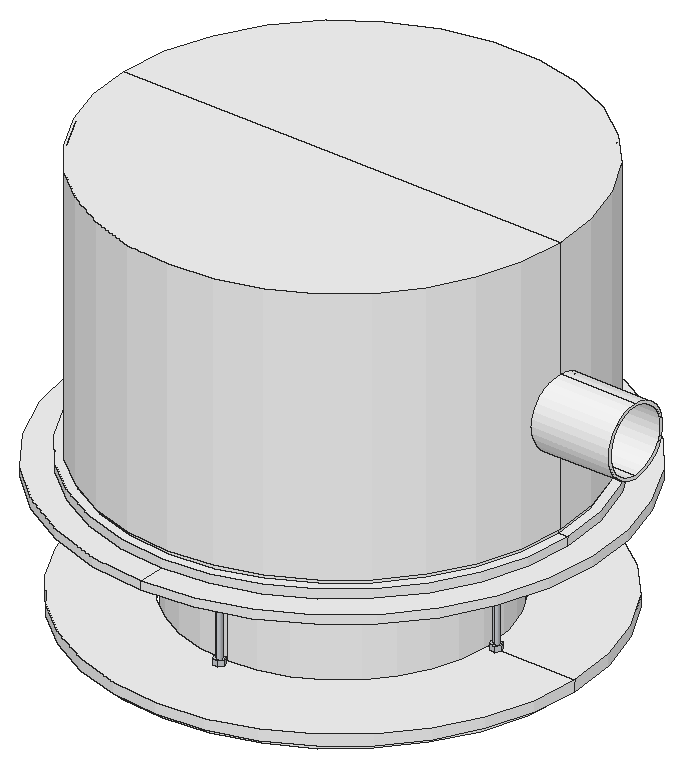
Revit family "R1200-JD-M-G8H-AI", category Plumbing Fixtures, host Face, Revit 2018
Family settings
  Host = Face
  Round Connector Dimension = Use Radius
  Part Type = Normal
  Cut with Voids When Loaded = No
  Shared = No
  Room Calculation Point = No
Parameters (values of type "R1202,3,4-JD-M-G8H-AI_4" Drain Pipe Size")
  WFU = 0
  URL = "WWW.MIFAB.COM"
  Pipe Radius = Pipe Diameter / 2  # 0' - 2"
  Pipe Diameter = 0' - 4"
  No Hub Standard Height = 0' - 6 1/2"
  Model = "R1202,3,4-JD-M-G8H-AI"
  Manufacturer = "MIFAB"
  Floor Drain Material = Paint - Sherwin Williams Paint - #952C2A - Bellwood Red
  Description = "LARGE GREEN ROOF DRAIN WITH PERFORATED S.S. 8\" HIGH BALLAST GUARD AND REMOVABLE COVER WITH LIFT HANDLE"
  Default Elevation = 0' - 0"
  CWFU = 0
  Bottom Height = 0' - 3 1/2"
  Assembly Code = ""
Types (7): name | Pipe Radius | Pipe Diameter | No Hub Standard Height | Model
  (no name) | 0' - 2" | 0' - 4" | 0' - 6 1/2" | "R1202,3,4-JD-M-G8H-AI"
  R1205,6-JD-M-G8H-AI_6" Drain Pipe Size | 0' - 3" | 0' - 6" | 0' - 6 1/2" | "R1205,6-JD-M-G8H-AI"
  R1208-JD-M-G8H-AI_8" Drain Pipe Size | 0' - 4" | 0' - 8" | 0' - 6 1/2" | "R1208-JD-M-G8H-AI"
  R1205,6-JD-M-G8H-AI_5" Drain Pipe Size | 0' - 2 1/2" | 0' - 5" | 0' - 6 3/4" | "R1205,6-JD-M-G8H-AI"
  R1202,3,4-JD-M-G8H-AI_4" Drain Pipe Size | 0' - 2" | 0' - 4" | 0' - 6 1/2" | "R1202,3,4-JD-M-G8H-AI"
  R1202,3,4-JD-M-G8H-AI_3" Drain Pipe Size | 0' - 1 1/2" | 0' - 3" | 0' - 6 1/2" | "R1202,3,4-JD-M-G8H-AI"
  R1202,3,4-JD-M-G8H-AI_2" Drain Pipe Size | 0' - 1" | 0' - 2" | 0' - 6 1/2" | "R1202,3,4-JD-M-G8H-AI"
Reference planes (in)
  plane 1 "Center (Front/Back)": y = 0
  plane 2: z = 0
  plane 3 "Center (Left/Right)": x = 0
  plane 4: z = -7.25
  plane 5: z = -3
  plane 6: z = -5
  plane 7: y = -2
  plane 8: y = 2
  plane 9: x = -2.5
  plane 10: x = 2.5
  plane 11: z = 8
  plane 12: x = 7.5
  plane 13: x = -7.5
  plane 14: y = 7.5
  plane 15: y = -7.5
  plane 16: z = -5.14286
  plane 17: z = -0.25
  plane 18: z = -6.5
  plane 19: y = 3.75
  plane 20: y = -3.75
  plane 21: y = 4.8125
  plane 22: y = -4.8125
  plane 23: x = 6.23869
  plane 24: x = -6.5
  plane 25: z = -3.5
  plane 26: z = -4.26379
  plane 27: x = 6.5
  plane 28: z = 2.5
  plane 29: z = 4.5
  plane 30: z = 3.5
Forms (in)
  Revolve 1, solid, material "Paint - Sherwin Williams Paint - #952C2A - Bellwood Red" <- "Floor Drain Material"
    sketch origin (0, 0.04396, -2.375) x (0, 1, 0) y (0, 0, 1)
      loop
        line (-4.16896, 2.375) -> (-7.54396, 2.375) -> (-7.54396, 2.125) -> (-4.85646, 2.125) -> (-4.85646, 1.375) -> (-4.29396, 1.375) -> (-4.29396, -2.0625) -> (-2.04396, -2.0625) -> (-2.04396, -4.125) -> (-1.79396, -4.125) -> (-1.79396, -1.8125) -> (-3.66896, -1.8125) -> (-3.66896, -0.625) -> (-4.16896, -0.625) -> (-4.16896, 2.375)
      axis (-0.04396, 2.375) -> (-0.04396, -4.125)
    angle from 0 to 360
  Revolve 2, solid, material "Paint - Sherwin Williams Paint - #952C2A - Bellwood Red" <- "Floor Drain Material"
    sketch origin (0, 0, 7.5) x (1, 0, 0) y (0, 0, 1)
      loop
        line (6.5, 0.5) -> (0, 0.5) -> (0, 0.43634) -> (6.43634, 0.43634) -> (6.43634, -7.13396) -> (6.5, -7.13396) -> (6.5, 0.5)
      axis (0, -7.13396) -> (0, 0.5)
    angle from 0 to 360
  Revolve 3, solid, material "Paint - Sherwin Williams Paint - #952C2A - Bellwood Red" <- "Floor Drain Material"
    sketch origin (0, 0, 0) x (1, 0, 0) y (0, 0, 1)
      loop
        line (6.72286, 0) -> (6.72286, 0.25) -> (6.43654, 0.25) -> (6.43654, 0.57791) -> (6.13967, 0.57791) -> (6.13967, 0.25) -> (1.27391, 0.25) -> (1.27391, 0.52812) -> (0.57813, 0.52812) -> (0.57813, 0.80623) -> (0, 0.80623) -> (0, 0) -> (6.72286, 0)
      axis (0, 0) -> (0, 0.80623)
    angle from 0 to 360
  Revolve 4, solid, material "Paint - Sherwin Williams Paint - #952C2A - Bellwood Red" <- "Floor Drain Material"
    sketch origin (0, 0, 0) x (1, 0, 0) y (0, 0, 1)
      loop
        line (6.9375, -3.5) -> (4.35041, -3.5) -> (4.35041, -4.01379) -> (5.35041, -4.01379) -> (5.35041, -4.26379) -> (5.85041, -4.26379) -> (5.85041, -4.01379) -> (6.6875, -4.01379) -> (6.6875, -3.80633) -> (6.9375, -3.80633) -> (6.9375, -3.5)
      axis (0, -4.26379) -> (0, -3.5)
    angle from 0 to 360
  Sweep 5, solid, material "Paint - Sherwin Williams Paint - #952C2A - Bellwood Red" <- "Floor Drain Material"
    path origin (0, 0, 0) x (1, 0, 0) y (0, 0, 1)
      loop
        line (6.23869, 3.5) -> (8.72695, 3.5)
    profile origin (7.48282, 0, 3.5) x (0, 0, 1) y (0, -1, 0)
      loop
        circle (0, 0) r 1
      loop
        circle (0, 0) r 0.92458
Cuts and joins
  joined: Revolve 2, Sweep 5
Lines and regions (in)
  model lines, not visible
    curve 1: line (6.7156, 0, 9.07611) -> (12.5156, 0, 9.07611)
    curve 2: line (12.5156, 0, 9.07611) -> (12.5156, 0, 10.82611)
    curve 3: line (12.5156, 0, 10.82611) -> (6.7156, 0, 10.82611)
    curve 4: line (6.7156, 0, 10.82611) -> (6.7156, 0, 9.07611)
    curve 5: line (7.13163, 0, 10.86539) -> (7.13163, 0, 12.86539)
    curve 6: line (7.13163, 0, 12.86539) -> (15.53163, 0, 12.86539)
    curve 7: line (15.53163, 0, 12.86539) -> (15.53163, 0, 10.86539)
    curve 8: line (11.33163, 0, 12.86539) -> (11.33163, 0, 12.36539)
    curve 9: line (0, 28.52778, -10.8585) -> (0, 28.52778, -8.6085)
    curve 10: line (0, 28.52778, -8.6085) -> (0, 21.02778, -8.6085)
    curve 11: line (0, 21.02778, -8.6085) -> (0, 21.02778, -10.8585)
    curve 12: line (0, 24.77778, -8.6085) -> (0, 24.77778, -9.1085)
    curve 13: line (13.30546, 0, 10.44272) -> (13.30546, 0, 12.69272)
    curve 14: line (13.30546, 0, 12.69272) -> (26.80546, 0, 12.69272)
    curve 15: line (26.80546, 0, 12.69272) -> (26.80546, 0, 10.44272)
    curve 16: line (20.05546, 0, 12.69272) -> (20.05546, 0, 13.19272)
    curve 17: line (9.1978, 0, 16.37268) -> (9.1978, 0, 18.62268)
    curve 18: line (9.1978, 0, 18.62268) -> (22.1978, 0, 18.62268)
    curve 19: line (22.1978, 0, 18.62268) -> (22.1978, 0, 16.37268)
    curve 20: line (15.6978, 0, 18.62268) -> (15.6978, 0, 17.87268)
Dimensions and locks (in)
  locked: plane 5 to plane 4 at 4.25
  equal spacing: plane 8, plane 1 "Center (Front/Back)", plane 7
  "Pipe Diameter": plane 8 to plane 7
  "Pipe Radius": plane 1 "Center (Front/Back)" to plane 7
  plane 11 to level = 0' - 8"
  plane 13 to plane 3 "Center (Left/Right)" to plane 12 = 0' - 7 1/2" locked, 0' - 7 1/2" locked
  plane 13 to plane 12 = 1' - 3"  (x3)
  plane 15 to plane 1 "Center (Front/Back)" to plane 14 = 0' - 7 1/2" locked, 0' - 7 1/2" locked
  plane 15 to plane 14 = 1' - 3"
  locked: plane 2 to plane 17 at 0.25
  "No Hub Standard Height": plane 2 to plane 18
  equal spacing: plane 19, plane 1 "Center (Front/Back)", plane 20
  plane 19 to plane 20 = 0' - 7 1/2"
  locked: Revolve 1 sketch curve to plane 15 at 2.6875
  plane 21 to plane 22 = 0' - 9 5/8"
  locked: plane 6 to plane 18 at 1.5
  Revolve 1 sketch curve to plane 22 = 0' - 0 9/16"
  locked: plane 11 to plane 2 at 8
  locked: plane 25 to plane 26 at 0.76379
  "Bottom Height": plane 2 to plane 25
  equal spacing: plane 24, plane 3 "Center (Left/Right)", plane 27
  plane 24 to plane 27 = 1' - 1"
  locked: plane 28 to plane 2 at 2.5
  locked: plane 29 to plane 28 at 2
  equal spacing: plane 29, plane 30, plane 28
  aligned and locked: plane 2 to host face
  aligned and locked: level to host face
  aligned and locked: Revolve 1 sketch curve to plane 18
  aligned and locked: plane 17 to Revolve 1 sketch curve
  aligned and locked: plane 15 to Revolve 1 sketch curve
  aligned and locked: Revolve 2 sketch curve to plane 11
  aligned and locked: plane 3 "Center (Left/Right)" to Revolve 2 sketch curve
  aligned and locked: plane 25 to Revolve 4 sketch curve
  aligned and locked: plane 26 to Revolve 4 sketch curve
  aligned and locked: plane 1 "Center (Front/Back)" to nested 1
  aligned and locked: nested 1 to Revolve 1
  aligned and locked: nested 2 to Revolve 1
  aligned and locked: nested 3 to Revolve 1
  aligned and locked: nested 4 to Revolve 1
  aligned and locked: nested 2 to plane 1 "Center (Front/Back)"
  aligned and locked: plane 3 "Center (Left/Right)" to nested 4
  aligned and locked: plane 3 "Center (Left/Right)" to nested 3
Automatic sketch dimensions
  curve 5 to curve 7 = 0' - 8.4"
  curve 5 to curve 8 = 0' - 4.2"
  curve 5 to curve 5 = 0' - 2"
  curve 7 to curve 6 = 0' - 2"
  curve 8 to curve 8 = 0' - 0 1/2"
  host sketch curve to host sketch curve = 8' - 0"  (x2)
  Revolve 1 sketch curve to plane 5 = 0' - 0"
  Revolve 1 sketch curve to level = 0' - 0"
  plane 20 to Revolve 1 sketch curve = 0' - 0 1/8"
  Revolve 1 sketch curve to plane 7 = 0' - 0"
  Revolve 1 sketch curve to plane 1 "Center (Front/Back)" = 0' - 0"
  Revolve 1 sketch curve to plane 4 = 0' - 0"
  plane 6 to Revolve 1 sketch curve = 0' - 0 9/16"
  Revolve 1 sketch curve to plane 20 = 0' - 0 3/8"
  Revolve 1 sketch curve to plane 7 = 0' - 0 1/4"
  plane 6 to Revolve 1 sketch curve = 0' - 0 13/16"
  Revolve 1 sketch curve to plane 17 = 0' - 0 3/4"
  Revolve 1 sketch curve to plane 5 = 0' - 0 1/4"
  Revolve 4 sketch curve to plane 3 "Center (Left/Right)" = 0' - 0"
  Revolve 4 sketch curve to plane 10 = 0' - 1.85041"
  Revolve 4 sketch curve to plane 23 = 0' - 0.88828"
  Revolve 4 sketch curve to plane 23 = 0' - 0.38828"
  Revolve 4 sketch curve to Revolve 4 sketch curve = 0' - 0 1/4"  (x3)
  Revolve 4 sketch curve to Revolve 4 sketch curve = 0' - 0.20746"
  plane 11 to Revolve 4 sketch curve = 0' - 11.79464"
  Revolve 4 sketch curve to Revolve 4 sketch curve = 0' - 2 1/4"
  plane 23 to Revolve 4 sketch curve = 0' - 0.44881"
  Revolve 2 sketch curve to plane 3 "Center (Left/Right)" = 0' - 0"
  plane 27 to Revolve 2 sketch curve = 0' - 0"
  Revolve 2 sketch curve to plane 27 = 0' - 0.06366"
  level to Revolve 2 sketch curve = 0' - 0.36604"
  Revolve 2 sketch curve to plane 11 = 0' - 0.06366"
  Revolve 3 sketch curve to plane 3 "Center (Left/Right)" = 0' - 0"  (x2)
  Revolve 3 sketch curve to level = 0' - 0"
  plane 3 "Center (Left/Right)" to Revolve 3 sketch curve = 0' - 0 37/64"
  Revolve 3 sketch curve to plane 23 = 0' - 0.09902"
  Revolve 3 sketch curve to plane 27 = 0' - 0.06346"
  plane 27 to Revolve 3 sketch curve = 0' - 0.22286"
  Revolve 3 sketch curve to Revolve 3 sketch curve = 0' - 0 1/4"
  level to Revolve 3 sketch curve = 0' - 0 1/4"
  Revolve 3 sketch curve to Revolve 3 sketch curve = 0' - 0.32791"
  Revolve 3 sketch curve to Revolve 3 sketch curve = 0' - 0.55623"
  Revolve 3 sketch curve to Revolve 3 sketch curve = 0' - 0.27812"
  plane 11 to Revolve 3 sketch curve = 0' - 2.65404"
  Revolve 3 sketch curve to Revolve 3 sketch curve = 0' - 1 3/4"
  Revolve 3 sketch curve to Revolve 3 sketch curve = 0' - 0.69579"
  Revolve 2 sketch curve to Revolve 2 sketch curve = 0' - 0 1/2"
  Revolve 2 sketch curve to Revolve 2 sketch curve = 0' - 3.93634"
  Sweep 5 sketch curve to Sweep 5 sketch curve = 0' - 0"  (x2)
  Sweep 5 sketch curve to plane 1 "Center (Front/Back)" = 0' - 0"
  profile plane to Sweep 5 sketch curve = 0' - 0"
  plane 23 to Sweep 5 sketch curve = 0' - 0"
  Sweep 5 sketch curve to plane 30 = 0' - 0"
  plane 12 to Sweep 5 sketch curve = 0' - 1.22695"
  radius of Sweep 5 sketch curve = 0' - 1"
  radius of Sweep 5 sketch curve = 0' - 0.92458"
Nested families (in)
  nested 1: "Bolt1" at (-4.55567, 0, -4.01379), type "Bolt1"
    with Height 0' - 3.01379"
  nested 2: "Bolt1" at (4.58798, 0, -4.01379) x (0, 1, 0) z (0, 0, 1), type "Bolt1"
    with Height 0' - 3.01379"
  nested 3: "Bolt1" at (0, 4.57488, -4.01379) x (0, 1, 0) z (0, 0, 1), type "Bolt1"
    with Height 0' - 3.01379"
  nested 4: "Bolt1" at (0, -4.57063, -4.01379) x (0, 1, 0) z (0, 0, 1), type "Bolt1"
    with Height 0' - 3.01379"
Connectors (in)
  piping at (0, 0, -6.5), diameter 4, driven by "Pipe Radius", driven by "WFU"
    settings: on Revolve 1, index 2, connector inside diameter 2", connector length 0' - 0", flow factor 0, pipe flow 0 GPM, pressure drop 0.00 psi, fitting loss kfactor 0, connector angle 0.00°, fixture units 0, engagement length 0' - 0", angle of deflection 0.00°, flow configuration 3, flow direction 2, fitting loss method 0, system type 16, joint type 0, gender type 0, connector reference index -1, connector utility 0, adjustable connector no, is connector primary yes, connector description "Sanitary Out"
  piping at (8.72695, 0, 3.5), diameter 2
    settings: on Sweep 5, index 3, connector inside diameter 24", connector length 0' - 0", flow factor 0, pipe flow 0 GPM, pressure drop 0.00 psi, fitting loss kfactor 0, connector angle 0.00°, fixture units 0, engagement length 0' - 0", angle of deflection 0.00°, flow configuration 0, flow direction 1, fitting loss method 0, system type 16, joint type 0, gender type 0, connector reference index -1, connector utility 0, adjustable connector no, is connector primary no, connector description ""
Definition of nested family "Bolt1"
  Parameters (values of type "Bolt1")
    Material = none
    Height [instance] = 1' - 1.38583"
    Default Elevation = 4' - 0"
  Reference planes (in)
    plane 1 "Center (Front/Back)": y = 0
    plane 2: z = 0
    plane 3 "Center (Left/Right)": x = 0
    plane 4: z = 13.38583
    plane 5: z = 0.51562
    plane 6: z = 0.67452
  Forms (in)
    Extrusion 1, solid
      sketch origin (0, 0, 0) x (1, 0, 0) y (0, 1, 0)
        loop
          line (-48, 48) -> (-48, -48) -> (48, -48) -> (48, 48) -> (-48, 48)
      from 0 to -12
    Revolve 2, solid, material <- "Material"
      sketch origin (0, 0, 0) x (1, 0, 0) y (0, 0, 1)
        loop
          line (0, 13.38583) -> (0, -0.33562) -> (0.11073, -0.33562) -> (0.11073, -0.09843) -> (0.20961, -0.09843) -> (0.20961, 0) -> (0.07382, 0) -> (0.07382, 12.93209) -> (0.11234, 12.93209)
          arc (0.11234, 12.93209) -> (0.14919, 12.94735) -> (0.16446, 12.9842) r 0.05211
          line (0.16446, 12.9842) -> (0.16446, 13.38583) -> (0, 13.38583)
        axis (0, -0.33562) -> (0, 13.38583)
      angle from 0 to 360
    Extrusion 3, solid, material <- "Material"
      sketch origin (0, 0, 0) x (1, 0, 0) y (0, 1, 0)
        loop
          line (0, 0.16446) -> (-0.14242, 0.08223) -> (-0.14242, -0.08223) -> (0, -0.16446) -> (0.14242, -0.08223) -> (0.14242, 0.08223) -> (0, 0.16446)
      from 0.51562 to 0.67452
  Dimensions and locks (in)
    "Height": plane 4 to plane 2
    aligned and locked: plane 2 to Extrusion 1
    aligned and locked: level to Extrusion 1
    aligned and locked: Revolve 2 sketch curve to plane 3 "Center (Left/Right)"
    aligned and locked: Extrusion 1 to Revolve 2 sketch curve
    aligned and locked: Extrusion 3 to plane 5
    aligned and locked: plane 6 to Extrusion 3
  Automatic sketch dimensions
    Extrusion 1 sketch curve to Extrusion 1 sketch curve = 8' - 0"  (x2)
    Revolve 2 sketch curve to plane 3 "Center (Left/Right)" = 0' - 0"
    Revolve 2 sketch curve to plane 4 = 0' - 0"
    plane 3 "Center (Left/Right)" to Revolve 2 sketch curve = 0' - 0.07382"
    Revolve 2 sketch curve to Revolve 2 sketch curve = 0' - 0.11073"
    Revolve 2 sketch curve to Revolve 2 sketch curve = 0' - 0.03852"
    plane 3 "Center (Left/Right)" to Revolve 2 sketch curve = 0' - 0.16446"
    Revolve 2 sketch curve to Revolve 2 sketch curve = 0' - 0.13579"
    Revolve 2 sketch curve to level = 0' - 0.09843"
    Revolve 2 sketch curve to Revolve 2 sketch curve = 0' - 0.23719"
    Revolve 2 sketch curve to plane 4 = 0' - 0.45374"
    Revolve 2 sketch curve to Revolve 2 sketch curve = 0' - 5.38878"
    Revolve 2 sketch curve to Revolve 2 sketch curve = 0' - 5.51181"
